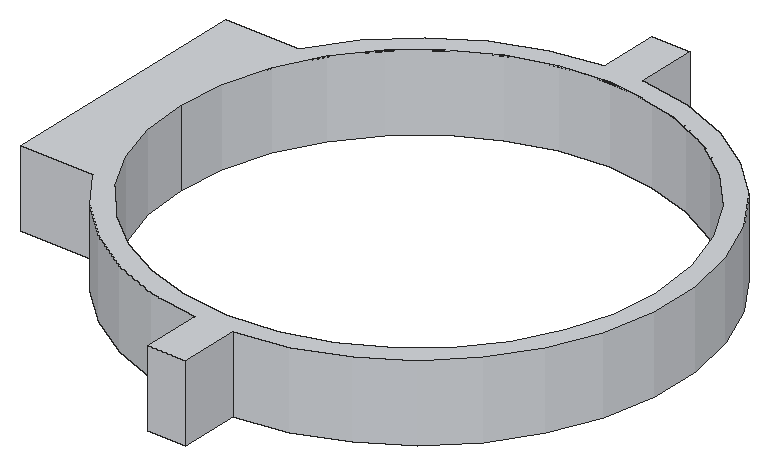
Revit family "Colier de fixare tevi PP", category Pipe Accessories, Revit 2019
Family settings
  Round Connector Dimension = Use Diameter
  Part Type = Breaks Into
  OmniClass Number = 23.60.30.11.14
  OmniClass Title = Pipework Fittings
  Work Plane-Based = No
  Always vertical = No
  Cut with Voids When Loaded = No
  Shared = No
Parameters
  URL = "https://www.teraplast.ro/"
  Revizie [instance] = 1
  R [instance] = Dext / 2  # 27.00 mm
  Material [instance] = PP (Polipropilena)
  Manufacturer = "Teraplast"
  M1 [instance] = R  # 27.00 mm
  M [instance] = DN / 2 + 6.00 mm  # 31.00 mm
  LookupTable [instance] = "Colier-fixare-tevi-PP"
  H [instance] = 8.00 mm
  Garnitura [instance] = 0
  E [instance] = DN + 16.00 mm  # 66.00 mm
  Dext [instance] = DN + 4.00 mm  # 54.00 mm
  Description = "Sistem de tevi si fitinguri din PP pentru canalizari interioare."
  DN [instance] = 50.00 mm
  Cod Articol Teraplast [instance] = size_lookup(LookupTable, "", "n/a", DN)  # "MFD0575"
Reference planes
  plane 1 "Center (Front/Back)": y = 0
  plane 2: z = 0
  plane 3 "Center (Left/Right)": x = 0
  plane 4: y = 25
  plane 5: y = -25
  plane 6: y = 33
  plane 7: y = -33
  plane 8: x = -31
  plane 9: z = 4
  plane 10: z = -4
Forms (mm)
  Extrusion 1, solid
    sketch origin (0, 0, 0) x (1, 0, 0) y (0, 1, 0)
      loop
        circle (0, 0) r 25
      loop
        arc (-2, 26.926) -> (-14.357, 22.866) -> (-23.383, 13.5) r 27
        line (-23.383, 13.5) -> (-31, 13.5) -> (-31, -13.5) -> (-23.383, -13.5)
        arc (-23.383, -13.5) -> (-14.357, -22.866) -> (-2, -26.926) r 27
        line (-2, -26.926) -> (-2, -33) -> (2, -33) -> (2, -26.926)
        arc (2, -26.926) -> (27, 0) -> (2, 26.926) r 27
        line (2, 26.926) -> (2, 33) -> (-2, 33) -> (-2, 26.926)
    from -4 to 4
Dimensions and locks
  equal spacing: plane 5, plane 1 "Center (Front/Back)", plane 4
  "DN": plane 5 to plane 4
  equal spacing: plane 7, plane 1 "Center (Front/Back)", plane 6
  "E": plane 7 to plane 6
  Extrusion 1 sketch curve to Extrusion 1 sketch curve = 4.00 mm  (x2)
  equal spacing: Extrusion 1 sketch curve, plane 3 "Center (Left/Right)", Extrusion 1 sketch curve  (x2)
  equal spacing: Extrusion 1 sketch curve, plane 1 "Center (Front/Back)", Extrusion 1 sketch curve
  "M1": Extrusion 1 sketch curve to Extrusion 1 sketch curve
  "M": plane 8 to plane 3 "Center (Left/Right)"
  equal spacing: plane 9, plane 2, plane 10
  "H": plane 9 to plane 10
  "DN": diameter of Extrusion 1 sketch curve
  "R": radius of Extrusion 1 sketch curve  (x3)
  aligned and locked: level to plane 2
  aligned and locked: plane 1 "Center (Front/Back)" to Extrusion 1 sketch curve  (x3)
  aligned and locked: plane 3 "Center (Left/Right)" to Extrusion 1 sketch curve  (x3)
  aligned and locked: plane 6 to Extrusion 1 sketch curve
  aligned and locked: plane 7 to Extrusion 1 sketch curve
  aligned and locked: Extrusion 1 sketch curve to plane 8
  aligned and locked: Extrusion 1 to plane 10
  aligned and locked: plane 9 to Extrusion 1
Automatic sketch dimensions
  Extrusion 1 sketch curve to Extrusion 1 sketch curve = 0.00 mm  (x2)
Connectors
  piping at (0, 0, 0), diameter 50, driven by "DN"
    settings: index 1, connector inside diameter 609.6 mm, connector length 0.00 mm, flow factor 0, pipe flow 0.0 L/s, pressure drop 0.0 Pa, fitting loss kfactor 0, connector angle 0.00°, fixture units 0, engagement length 0.00 mm, angle of deflection 0.00°, flow configuration 0, flow direction 0, fitting loss method 0, system type 28, joint type 0, gender type 0, connector reference index -1, connector utility 0, adjustable connector no, is connector primary yes, connector description ""
